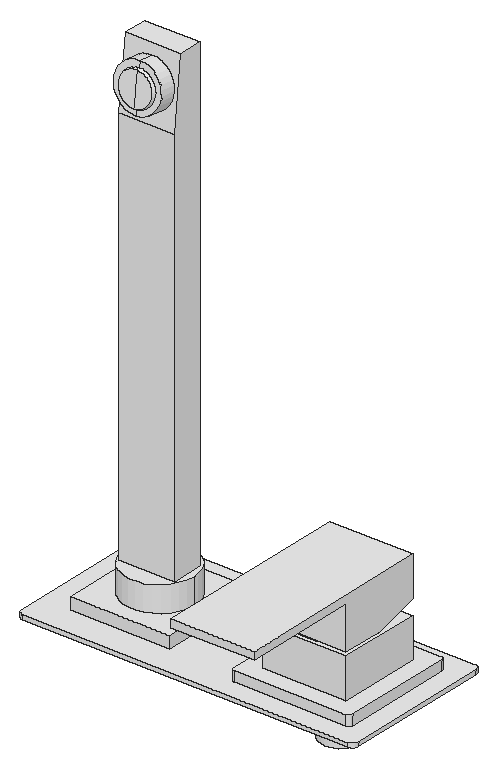
Revit family "Mixer-Bath-Caroma Quatro Solid-Wall", category Plumbing Fixtures, host Face, Revit 2013
Parameters (values of type "Standard")
  Waste Connection = no
  Vent Connection = no
  URL = "http://www.caroma.com.au/"
  Type Comments = "Caroma Quatro Solid Wall Bath Mixer"  # constant formula
  Model = "90718C"  # constant formula
  Material_ANZRS = Metal-Chrome-Caroma
  Manufacturer = "GWA Bathrooms & Kitchens"  # constant formula
  HWFU = 4  # constant formula
  HW Connection = yes
  Description = ""
  Default Elevation = 500 mm
  CreatedBy_ANZRS = "Design Content"  # constant formula
  CreatedByURL_ANZRS = "www.designcontent.com.au"
  Cost = 0
  Connector Radius = 10 mm
  CWFU = 4  # constant formula
  CW Connection = yes
  Assembly Code = "C1030210"
Reference planes
  plane 1 "Center (Front/Back)": y = 0
  plane 2: z = 0
  plane 3 "Center (Left/Right)": x = 0
  plane 4 "Left": x = -85
  plane 5 "Top": y = 40
  plane 6 "Bottom": y = -40
  plane 7 "Right": x = 85
  plane 8: x = 45
  plane 9: x = -45
Forms (mm)
  Extrusion 1, void
    sketch origin (45, 2.5, -112.5) x (0, 1, 0) y (0, 0, 1)
      loop
        line (-7.199, 140.225) -> (22.235, 140.225) -> (22.235, 148.214) -> (-7.199, 140.225)
    from -50 to 50
  Revolve 2, solid, material "Metal-Chrome-Caroma" <- "Material_ANZRS"
    sketch origin (-45, -188.696, 200.937) x (0, -0.009072, -0.999959) y (0, 0.999959, -0.009072)
      loop
        line (-34.304, 171.991) -> (-33.605, 173.426) -> (-30.608, 173.111) -> (-29.766, 181.125) -> (-41.7, 182.38) -> (-42.699, 172.873) -> (-34.304, 171.991)
      axis (-42.699, 172.873) -> (-41.7, 182.38)
    angle from 0 to 360
  Extrusion 3, solid, material "Metal-Chrome-Caroma" <- "Material_ANZRS"
    sketch origin (59.2, 0, 0) x (1, 0, 0) y (0, 1, 0)
      loop
        circle (-7.071, -7.071) r 10
    from -20 to 0
  Extrusion 4, solid, material "Metal-Chrome-Caroma" <- "Material_ANZRS"
    sketch origin (30.8, 0, 0) x (-1, 0, 0) y (0, -1, 0)
      loop
        circle (-7.071, -7.071) r 10
    from -20 to 0
  Extrusion 5, solid, material "Metal-Chrome-Caroma" <- "Material_ANZRS"
    sketch origin (45, 0, -233.5) x (1, 0, 0) y (0, 1, 0)
      loop
        line (21, -78.994) -> (21, -21) -> (-21, -21) -> (-21, -78.994) -> (21, -78.994)
    from 284.2 to 288.2
  Extrusion 6, solid, material "Metal-Chrome-Caroma" <- "Material_ANZRS"
    sketch origin (45, 0, 0) x (1, 0, 0) y (0, 1, 0)
      loop
        arc (-28.028, 30) -> (-29.422, 29.422) -> (-30, 28.028) r 1.972
        line (-30, 28.028) -> (-30, -28)
        arc (-30, -28) -> (-29.414, -29.414) -> (-28, -30) r 2
        line (-28, -30) -> (28, -30)
        arc (28, -30) -> (29.414, -29.414) -> (30, -28) r 2
        line (30, -28) -> (30, 28)
        arc (30, 28) -> (29.414, 29.414) -> (28, 30) r 2
        line (28, 30) -> (-28.028, 30)
    from 0 to 7
  Extrusion 7, solid, material "Metal-Chrome-Caroma" <- "Material_ANZRS"
    sketch origin (45, 0, 0) x (1, 0, 0) y (0, 1, 0)
      loop
        line (-21, 21) -> (-21, -21) -> (21, -21) -> (21, 21) -> (-21, 21)
    from 7 to 27
  Extrusion 8, solid, material "Metal-Chrome-Caroma" <- "Material_ANZRS"
    sketch origin (45, 0, -233.5) x (1, 0, 0) y (0, 1, 0)
      loop
        line (21, 21) -> (-21, 21) -> (-21, -21) -> (21, -21) -> (21, 21)
    from 262.5 to 288.2
  Revolve 9, solid, material "Metal-Chrome-Caroma" <- "Material_ANZRS", detail levels fine
    sketch origin (45, 0, -233.5) x (0, 1, 0) y (0, 0, 1)
      loop
        line (-21, 274.284) -> (-21, 278.776)
        arc (-21, 278.776) -> (-21.757, 278.721) -> (-22.273, 278.164) r 1.034
        arc (-22.273, 278.164) -> (-22.817, 276.258) -> (-23, 274.284) r 10.71
        line (-23, 274.284) -> (-21, 274.284)
      axis (-23, 274.284) -> (-21, 274.284)
    angle from 0 to 360
  Revolve 10, solid, material "Metal-Chrome-Caroma" <- "Material_ANZRS"
    sketch origin (45, 0, -233.5) x (0, 1, 0) y (0, 0, 1)
      loop
        arc (18.995, 260.5) -> (17.363, 268.413) -> (12.735, 275.035) r 20.004
        line (12.735, 275.035) -> (0, 275.035) -> (0, 260.5) -> (18.995, 260.5)
      axis (0, 275.035) -> (0, 260.5)
    angle from 0 to 360
  Extrusion 11, solid, material "Metal-Chrome-Caroma" <- "Material_ANZRS"
    sketch origin (-45, 133.552, 1219.2) x (0, 1, 0) y (0, 0, 1)
      loop
        line (-125.552, -961.2) -> (-137.552, -961.2) -> (-141.552, -996.2) -> (-141.552, -1198.2) -> (-125.552, -1198.2) -> (-125.552, -961.2)
    from -14 to 14
  Extrusion 12, solid, material "Metal-Chrome-Caroma" <- "Material_ANZRS"
    sketch origin (45, 0, 0) x (1, 0, 0) y (0, 1, 0)
      loop
        line (-115, 25) -> (-115, -25) -> (-65, -25) -> (-65, 25) -> (-115, 25)
    from 0 to 8
  Extrusion 13, solid, material "Metal-Chrome-Caroma" <- "Material_ANZRS"
    sketch origin (45, 0, 0) x (1, 0, 0) y (0, 1, 0)
      loop
        circle (-90, 0) r 17.5
    from 8 to 21
  Extrusion 14, solid, material "Metal-Chrome-Caroma" <- "Material_ANZRS"
    sketch origin (45, 0, 0) x (1, 0, 0) y (0, 1, 0)
      loop
        arc (-127, 40) -> (-129.121, 39.121) -> (-130, 37) r 3
        line (-130, 37) -> (-130, -37)
        arc (-130, -37) -> (-129.121, -39.121) -> (-127, -40) r 3
        line (-127, -40) -> (37, -40)
        arc (37, -40) -> (39.121, -39.121) -> (40, -37) r 3
        line (40, -37) -> (40, 37)
        arc (40, 37) -> (39.121, 39.121) -> (37, 40) r 3
        line (37, 40) -> (-127, 40)
    from 0 to 2
Cuts and joins
  Extrusion 1 cuts Extrusion 8
  joined: Revolve 2, Extrusion 5, Extrusion 6, Extrusion 7, Extrusion 8, Revolve 10, Extrusion 11, Extrusion 12, Extrusion 13, Extrusion 14
Lines and regions (mm)
  Masking region 1
    outline origin (0, 0, 0) x (1, 0, 0) y (0, 1, 0)
      loop
        arc (-82, 40) -> (-84.121, 39.121) -> (-85, 37) r 3
        line (-85, 37) -> (-85, -37)
        arc (-85, -37) -> (-84.121, -39.121) -> (-82, -40) r 3
        line (-82, -40) -> (24, -40) -> (24, -79) -> (66, -79) -> (66, -40) -> (82, -40)
        arc (82, -40) -> (84.121, -39.121) -> (85, -37) r 3
        line (85, -37) -> (85, 37)
        arc (85, 37) -> (84.121, 39.121) -> (82, 40) r 3
        line (82, 40) -> (-82, 40)
  Masking region 2
    outline origin (0, 0, 0) x (1, 0, 0) y (0, 0, 1)
      loop
        line (85, 0) -> (85, 2) -> (75, 2) -> (75, 7) -> (66, 7) -> (66, 27) -> (63.995, 27) -> (63.894, 29) -> (66, 29) -> (66, 54.7) -> (24, 54.7) -> (24, 29) -> (26.106, 29) -> (26.005, 27) -> (24, 27) -> (24, 7) -> (15, 7) -> (15, 2) -> (-20, 2) -> (-20, 8) -> (-27.5, 8) -> (-27.5, 21) -> (-31, 21) -> (-31, 258) -> (-59, 258) -> (-59, 21) -> (-62.5, 21) -> (-62.5, 8) -> (-70, 8) -> (-70, 2) -> (-85, 2) -> (-85, 0) -> (85, 0)
  symbolic lines
    curve 1: line (-31, 8, 0) -> (-59, 8, 0)
    curve 2: line (-59, 8, 0) -> (-59, -8, 0)
    curve 3: line (-59, -4, 0) -> (-31, -4, 0)
    curve 4: line (-31, -8, 0) -> (-31, 8, 0)
    curve 5: spline (-54.324, -14.809, 0) -> (-55.569, -14.597, 0) -> (-56.444, -14.362, 0) -> (-56.916, -14.112, 0) -> (-56.971, -13.857, 0) -> (-56.605, -13.605, 0) -> (-55.832, -13.365, 0) -> (-54.678, -13.146, 0) -> (-53.185, -12.955, 0) -> (-51.404, -12.799, 0) -> (-49.398, -12.684, 0) -> (-47.238, -12.613, 0) -> (-45, -12.589, 0)
    curve 6: spline (-45, -12.589, 0) -> (-42.762, -12.613, 0) -> (-40.602, -12.684, 0) -> (-38.596, -12.799, 0) -> (-36.815, -12.955, 0) -> (-35.322, -13.146, 0) -> (-34.168, -13.365, 0) -> (-33.395, -13.605, 0) -> (-33.029, -13.857, 0) -> (-33.084, -14.112, 0) -> (-33.556, -14.362, 0) -> (-34.431, -14.597, 0) -> (-35.676, -14.809, 0)
    curve 7: spline (-45, -14.483, 0) -> (-47.185, -14.516, 0) -> (-49.221, -14.612, 0) -> (-50.969, -14.764, 0) -> (-52.31, -14.963, 0) -> (-53.154, -15.194, 0) -> (-53.441, -15.442, 0) -> (-53.154, -15.69, 0) -> (-52.31, -15.921, 0) -> (-50.969, -16.12, 0) -> (-49.221, -16.272, 0) -> (-47.185, -16.368, 0) -> (-45, -16.4, 0)
    curve 8: spline (-45, -16.4, 0) -> (-42.815, -16.368, 0) -> (-40.779, -16.272, 0) -> (-39.031, -16.12, 0) -> (-37.69, -15.921, 0) -> (-36.846, -15.69, 0) -> (-36.559, -15.442, 0) -> (-36.846, -15.194, 0) -> (-37.69, -14.963, 0) -> (-39.031, -14.764, 0) -> (-40.779, -14.612, 0) -> (-42.815, -14.516, 0) -> (-45, -14.483, 0)
    curve 9: spline (-36.013, -13.952, 0) -> (-36.32, -13.687, 0) -> (-37.217, -13.441, 0) -> (-38.645, -13.23, 0) -> (-40.507, -13.068, 0) -> (-42.674, -12.966, 0) -> (-45, -12.931, 0) -> (-47.326, -12.966, 0) -> (-49.493, -13.068, 0) -> (-51.355, -13.23, 0) -> (-52.783, -13.441, 0) -> (-53.68, -13.687, 0) -> (-53.987, -13.952, 0)
    curve 10: arc (-62.5, 0, 0) -> (-61.066, -6.937, 0) -> (-57, -12.738, 0) r 17.5
    curve 11: spline (-57, -5.945, 0) -> (-56.591, -5.592, 0) -> (-55.392, -5.264, 0) -> (-53.485, -4.982, 0) -> (-51, -4.765, 0) -> (-48.106, -4.629, 0) -> (-45, -4.582, 0) -> (-41.894, -4.629, 0) -> (-39, -4.765, 0) -> (-36.515, -4.982, 0) -> (-34.608, -5.264, 0) -> (-33.409, -5.592, 0) -> (-33, -5.945, 0)
    curve 12: arc (-27.5, 0, 0) -> (-45, 17.5, 0) -> (-62.5, 0, 0) r 17.5
    curve 13: line (-59, -8, 0) -> (-57, -8, 0)
    curve 14: line (-33, -8, 0) -> (-31, -8, 0)
    curve 15: line (-57, -5.945, 0) -> (-57, -13.952, 0)
    curve 16: line (-33, -5.945, 0) -> (-33, -13.952, 0)
    curve 17: line (-36.013, -13.952, 0) -> (-36.559, -15.442, 0)
    curve 18: line (-53.987, -13.952, 0) -> (-53.441, -15.442, 0)
    curve 19: arc (-33, -12.738, 0) -> (-28.934, -6.937, 0) -> (-27.5, 0, 0) r 17.5
    curve 20: arc (-36.507, -15.301, 0) -> (-36.088, -15.061, 0) -> (-35.676, -14.809, 0) r 17.5
    curve 21: arc (-52.23, -15.937, 0) -> (-45, -17.5, 0) -> (-37.77, -15.937, 0) r 17.5
    curve 22: arc (-54.324, -14.809, 0) -> (-53.912, -15.061, 0) -> (-53.493, -15.301, 0) r 17.5
    curve 23: line (-70, 25, 0) -> (-20, 25, 0)
    curve 24: line (-70, -25, 0) -> (-70, 25, 0)
    curve 25: line (-20, -25, 0) -> (-70, -25, 0)
    curve 26: line (-20, 25, 0) -> (-20, -25, 0)
    curve 27: line (15, 28.028, 0) -> (15, -28, 0)
    curve 28: arc (16.972, 30, 0) -> (15.578, 29.422, 0) -> (15, 28.028, 0) r 1.972
    curve 29: line (73, 30, 0) -> (16.972, 30, 0)
    curve 30: arc (75, 28, 0) -> (74.414, 29.414, 0) -> (73, 30, 0) r 2
    curve 31: line (75, -28, 0) -> (75, 28, 0)
    curve 32: arc (73, -30, 0) -> (74.414, -29.414, 0) -> (75, -28, 0) r 2
    curve 33: line (17, -30, 0) -> (24, -30, 0)
    curve 34: arc (15, -28, 0) -> (15.586, -29.414, 0) -> (17, -30, 0) r 2
    curve 35: line (24, 21, 0) -> (24, -78.994, 0)
    curve 36: line (66, 21, 0) -> (24, 21, 0)
    curve 37: line (66, -78.994, 0) -> (66, 21, 0)
    curve 38: line (24, -78.994, 0) -> (66, -78.994, 0)
    curve 39: line (66, -30, 0) -> (73, -30, 0)
    curve 40: line (75, 0, 7) -> (15, 0, 7)
    curve 41: line (85, 0, 2) -> (-85, 0, 2)
    curve 42: line (-20, 0, 8) -> (-70, 0, 8)
    curve 43: line (-27.5, 0, 21) -> (-62.5, 0, 21)
    curve 44: line (66, 0, 27) -> (24, 0, 27)
    curve 45: line (24, 0, 34.7) -> (66, 0, 34.7)
    curve 46: line (63.894, 0, 29) -> (63.995, 0, 27)
    curve 47: line (26.106, 0, 29) -> (26.005, 0, 27)
    curve 48: spline (63.893, 0, 29) -> (63.675, 0, 29.635) -> (63.148, 0, 30.257) -> (62.32, 0, 30.856) -> (61.205, 0, 31.423) -> (59.823, 0, 31.947) -> (58.194, 0, 32.421) -> (56.347, 0, 32.836) -> (54.312, 0, 33.185) -> (52.123, 0, 33.463) -> (49.815, 0, 33.665) -> (47.428, 0, 33.788) -> (45, 0, 33.83)
    curve 49: spline (45, 0, 33.83) -> (42.572, 0, 33.788) -> (40.185, 0, 33.665) -> (37.877, 0, 33.463) -> (35.688, 0, 33.185) -> (33.653, 0, 32.836) -> (31.806, 0, 32.421) -> (30.177, 0, 31.947) -> (28.795, 0, 31.423) -> (27.68, 0, 30.856) -> (26.852, 0, 30.257) -> (26.325, 0, 29.635) -> (26.107, 0, 29)
Dimensions and locks
  aligned and locked: plane 2 to host face
  aligned and locked: level to host face
Connectors
  piping at (52.129, -7.071, -20), driven by "Connector Radius", driven by "CWFU"
    settings: on Extrusion 3, index 3, connector radius 0.3937", flow factor 0, pipe flow 0 GPM, pressure drop 0.00 psi, fitting loss kfactor 0, connector angle 0.00°, fixture units 4, engagement length 0 mm, flow configuration 3, flow direction 1, fitting loss method 1, system type 20, joint type 0, gender type 0, connector reference index -1, connector utility 0, adjustable connector no, is connector primary yes, fitting loss table "Inward Projecting Pipe", connector description "Cold Inlet"
  piping at (37.871, 7.071, -20), driven by "Connector Radius", driven by "HWFU"
    settings: on Extrusion 4, index 4, connector radius 0.3937", flow factor 0, pipe flow 0 GPM, pressure drop 0.00 psi, fitting loss kfactor 0, connector angle 0.00°, fixture units 4, engagement length 0 mm, flow configuration 3, flow direction 1, fitting loss method 1, system type 19, joint type 0, gender type 0, connector reference index -1, connector utility 0, adjustable connector no, is connector primary no, fitting loss table "Inward Projecting Pipe", connector description "Hot Inlet"
